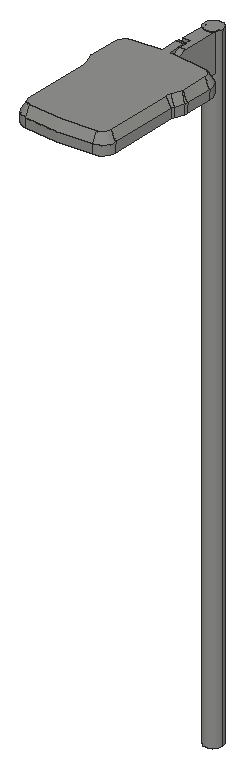
Revit family "VP-4-AA_U", category Lighting Fixtures, host Face, Revit 2019
Family settings
  Host = Face
  Round Connector Dimension = Use Diameter
  Part Type = Normal
  OmniClass Number = 23.80.70.11.14.17
  OmniClass Title = Direct/Indirect
  Cut with Voids When Loaded = No
  Light Source = No
  Shared = Yes
  Room Calculation Point = No
Parameters (values of type "VP-4-AA3U")
  Wattage Comments = "600 W"  # constant formula
  Warranty = "Five year warranty"  # constant formula
  Voltage = 120 V
  URL = "https://www.currentlighting.com/beacon"
  Type Comments = "Lighting Fixture"  # constant formula
  Product Page URL = "https://www.currentlighting.com/outdoor-lighting/viper-area-size-4/9606406"
  Product Documentation Link = "https://cdn.currentlighting.com/site/specsheet/BEA_VIPERSPEC.pdf"
  Power Factor = 0.9
  Pole Radius [instance] = Pole Size / 2  # 1.75"
  Pole Height [instance] = 122.00"
  Name = "Viper Area Size 4"  # constant formula
  Mounting Block Size [instance] = Pole Size - 1.00"  # 2.50"
  Model = "VP-4-AA3U"
  Matt Grey = MATT GREY
  Matt Black = Matt Black
  Manufacturer = "Current Lighting"  # constant formula
  Load Classification = Lighting
  Light Output = 87468.00 cd/m²  # constant formula
  Lamp = "LED"  # constant formula
  Grey = Grey
  Glass = Glass
  Pole Size [instance] = 3.50"
  Features = "Featuring two different optical technologies, Micro Strike and Strike Optics, which provide the best distribution patterns for retrofit or new construction\r\nVibration rated for high vibration applications including bridges and overpasses\r\nControl options including photo control, occupancy sensing, NX Lighting Controls, wiSCAPE and 7-Pin with networked controls\r\nMounting options include: Arm, Universal Arm, Adjustable Arm, Mast Arm, Decorative Arm, Knuckle, Trunnion, Wall\r\nDistribution options include: Auto Front Row, Type 2, Type 3, Type 4 Forward, Type 4 Wide, Type 5 Narrow, Type 5 Medium, Type 5 Wide, Type 5 Rectangular, Corner Optic, and Tennis Court\r\n\r\n"  # constant formula
  Copyright = "© 2022 Current Lighting"  # constant formula
  Cool Grey = Cool Grey
  Contact Us = "https://www.currentlighting.com/contact-us"
  Certification = "UL"  # constant formula
  Description = "The Viper is an extremely versatile area/site luminaire which blends design, performance, and technology for a variety of applications."  # constant formula
  Default Elevation = 48.00"
  Finish = Arctic White
  Matt White = Matt White
  CRI = "70"  # constant formula
  Brand = "Beacon"  # constant formula
  Assembly Code = "D5020200"
  Apparent Load = 600 VA  # constant formula
Reference planes (in)
  plane 1 "Center (Front/Back)": y = 6.16697
  plane 2: z = 0
  plane 3 "Center (Left/Right)": x = 0
  plane 4: z = 3.75
  plane 5: z = -4.44
  plane 6: x = -1.75
  plane 7: x = 1.75
  plane 8: y = 4.41697
  plane 9: y = 7.91697
  plane 10: z = 122
Forms (in)
  Extrusion 1, solid, material "Cool Grey" <- "Cool Grey"
    sketch origin (0, 0, 0) x (1, 0, 0) y (0, 1, 0)
      loop
        circle (0, 6.16697) r 1.75
    from 0 to 122
Lines and regions (in)
  reference lines
    curve 1: line (0, 14.42606, -3.25) -> (0, 17.42606, -0.25)
    curve 2: line (0, -2.09213, -3.25) -> (0, 14.42606, -3.25)
    curve 3: line (0, -5.09213, -0.25) -> (0, -2.09213, -3.25)
    curve 4: line (0, 14.42606, -3.25) -> (0, 17.42606, -0.25)
    curve 5: line (0, -5.09213, -0.25) -> (0, 17.42606, -0.25)
    curve 6: line (0, 17.17606, -0.77432) -> (0, 17.92606, -0.77432)
    curve 7: line (0, 17.17606, -1.52432) -> (0, 17.17606, -0.77432)
    curve 8: line (0, 16.69614, -1.52432) -> (0, 17.17606, -1.52432)
    curve 9: line (0, 14.92606, -4.25) -> (0, 16.69614, -1.52432)
    curve 10: line (0, -4.3622, -1.52432) -> (0, -2.59213, -4.25)
    curve 11: line (0, -4.84213, -1.52432) -> (0, -4.3622, -1.52432)
    curve 12: line (0, -4.84213, -0.77432) -> (0, -4.84213, -1.52432)
    curve 13: line (0, -5.59213, -0.77432) -> (0, -4.84213, -0.77432)
Dimensions and locks (in)
  plane 4 to plane 2 = 3.75"
  "Pole Size": plane 8 to plane 9
  equal spacing: plane 8, plane 1 "Center (Front/Back)", plane 9
  equal spacing: plane 6, plane 3 "Center (Left/Right)", plane 7
  "Pole Size": plane 6 to plane 7
  "Pole Height": plane 10 to plane 2
  "Pole Radius": radius of Extrusion 1 sketch curve
  aligned and locked: plane 2 to host face
  aligned and locked: level to host face
  aligned and locked: plane 10 to Extrusion 1
  aligned and locked: plane 3 "Center (Left/Right)" to nested 1
  aligned and locked: nested 1 to plane 10
Automatic sketch dimensions
  host sketch curve to host sketch curve = 96.00"
  host sketch curve to host sketch curve = 85.00"
  curve 3 to level = 0.25"
  plane 8 to curve 3 = 9.50909"
  curve 3 to curve 12 = 0.25"
  curve 11 to curve 11 = 0.47992"
  curve 2 to plane 5 = 1.19"
  curve 10 to curve 2 = 2.27008"
  curve 1 to plane 9 = 6.50909"
  curve 9 to level = 1.52432"
  curve 1 to curve 9 = 2.27008"
  curve 8 to curve 8 = 0.47992"
  curve 6 to curve 4 = 0.25"
  curve 10 to curve 3 = 1.27432"
  curve 7 to curve 1 = 0.52432"
  curve 12 to curve 3 = 0.52432"
  curve 13 to curve 3 = 0.50"
  curve 10 to plane 5 = 0.19"
  curve 10 to curve 2 = 0.50"
  curve 9 to plane 5 = 0.19"
  curve 1 to curve 9 = 0.50"
  curve 1 to curve 6 = 0.50"
  plane 1 "Center (Front/Back)" to Extrusion 1 sketch curve = 0.00"
  Extrusion 1 sketch curve to plane 3 "Center (Left/Right)" = 0.00"
Nested families (in)
  nested 1: "SIZE4-AAU" at (0, 4.41697, 120.26) x (1, 0, 0) z (0, -1, 0), type "SIZE4-AAU"
Connectors (in)
  electrical at (0, 6.16697, 0), driven by "Power Factor", driven by "Apparent Load", driven by "Voltage"
    settings: on Extrusion 1, index 1, voltage 120 V, apparent load 600 VA, apparent load phase1 0 VA, apparent load phase2 0 VA, apparent load phase3 0 VA, power factor 0.9, load classification "Other", number of poles 1, system type 30, power factor state 1, is connector primary yes, connector utility no, sub classification motor no, connector description "Light Fixture"
Definition of nested family "SIZE4-AAU"
  Parameters (values of type "SIZE4-AAU")
    Width = 19.62"
    Wattage = 519.1 W
    built-in parameter 1150110 = 1 (stored number, unit not read)
    built-in parameter 1114217 = 1 (stored number, unit not read)
    Tilt Angle = 160.00°
    built-in parameter 1150109 = 1 (stored number, unit not read)
    built-in parameter 1150134 = 3
    built-in parameter 1150113 = 1 (stored number, unit not read)
    Photometric Web File = "VP-4-720L-515-5K7-4W-BC.ies"
    Mount Length = 7.50"
    built-in parameter 1150105 = 3180.8 (stored number, unit not read)
    Lumens = 39970.7 lm
    built-in parameter 1150115 = 1 (stored number, unit not read)
    built-in parameter 1150137 = (empty or 0)
    built-in parameter 1150139 = (empty or 0)
    Length = 27.98"
    built-in parameter 1150112 = 1 (stored number, unit not read)
    built-in parameter 1150114 = 1 (stored number, unit not read)
    built-in parameter 1150132 = (empty or 0)
    built-in parameter 1150102 = (empty or 0)
    built-in parameter 1150107 = 3200 (stored number, unit not read)
    built-in parameter 1150138 = (empty or 0)
    built-in parameter 1150106 = 31.808 (stored number, unit not read)
    Glass = none
    Fixture = none
    built-in parameter 1150104 = 7.1535 (stored number, unit not read)
    Dimming Lamp Color Temperature Shift = (empty or 0)
    Default Elevation = 48.00"
    Color Filter = 16777215
    built-in parameter 1114218 = 1 (stored number, unit not read)
    built-in parameter 1150133 = 10 (stored number, unit not read)
  Reference planes (in)
    plane 1 "Center (Front/Back)": y = 0
    plane 2: z = 0
    plane 3 "Center (Left/Right)": x = 0
    plane 4: x = 9.81
    plane 5: x = -9.81
    plane 6: z = 7.5
    plane 7: z = 35.48
    plane 8: y = -1.74
    plane 9: y = 1.74
  Forms (in)
    Extrusion 1, solid
      sketch origin (0, 0, 0) x (1, 0, 0) y (0, 1, 0)
        loop
          line (-48, 48) -> (-48, -48) -> (48, -48) -> (48, 48) -> (-48, 48)
      from 0 to -12
    Extrusion 2, void
      sketch origin (0, 0, 0) x (1, 0, 0) y (0, 0, 1)
        loop
          arc (-8.40608, 15.16005) -> (0.0771, 15.81374) -> (8.56, 15.15635) r 55.21553
          line (8.56, 15.15635) -> (8.56, 33.16182) -> (-8.40608, 33.16182) -> (-8.40608, 15.16005)
      from 1 to 1.75
    Extrusion 3, solid, material <- "Glass"
      sketch origin (0, 0, -0.5) x (1, 0, 0) y (0, 0, 1)
        loop
          arc (-7.30987, 33.16182) -> (-7.55736, 33.05931) -> (-7.65987, 32.81182) r 0.35
          line (-7.65987, 32.81182) -> (-7.65987, 28.01182)
          arc (-7.65987, 28.01182) -> (-7.55736, 27.76434) -> (-7.30987, 27.66182) r 0.35
          line (-7.30987, 27.66182) -> (7.30987, 27.66182)
          arc (7.30987, 27.66182) -> (7.55736, 27.76434) -> (7.65987, 28.01182) r 0.35
          line (7.65987, 28.01182) -> (7.65987, 32.81182)
          arc (7.65987, 32.81182) -> (7.55736, 33.05931) -> (7.30987, 33.16182) r 0.35
          line (7.30987, 33.16182) -> (-7.30987, 33.16182)
      from 1 to 1.35
    Extrusion 4, solid, material <- "Glass"
      sketch origin (0.375, 0, -0.375) x (1, 0, 0) y (0, 0, 1)
        loop
          circle (-7.47829, 32.33694) r 0.15
        loop
          circle (-6.95955, 32.33694) r 0.15
        loop
          circle (-6.4408, 32.33694) r 0.15
        loop
          circle (-5.92205, 32.33694) r 0.15
        loop
          circle (-5.4033, 32.33694) r 0.15
        loop
          circle (-4.88455, 32.33694) r 0.15
        loop
          circle (-4.3658, 32.33694) r 0.15
        loop
          circle (-3.84705, 32.33694) r 0.15
        loop
          circle (-3.32831, 32.33694) r 0.15
        loop
          circle (-7.47829, 31.83694) r 0.15
        loop
          circle (-6.95955, 31.83694) r 0.15
        loop
          circle (-6.4408, 31.83694) r 0.15
        loop
          circle (-5.92205, 31.83694) r 0.15
        loop
          circle (-5.4033, 31.83694) r 0.15
        loop
          circle (-4.88455, 31.83694) r 0.15
        loop
          circle (-4.3658, 31.83694) r 0.15
        loop
          circle (-3.84705, 31.83694) r 0.15
        loop
          circle (-3.32831, 31.83694) r 0.15
        loop
          circle (-7.47829, 31.33694) r 0.15
        loop
          circle (-6.95955, 31.33694) r 0.15
        loop
          circle (-6.4408, 31.33694) r 0.15
        loop
          circle (-5.92205, 31.33694) r 0.15
        loop
          circle (-5.4033, 31.33694) r 0.15
        loop
          circle (-4.88455, 31.33694) r 0.15
        loop
          circle (-4.3658, 31.33694) r 0.15
        loop
          circle (-3.84705, 31.33694) r 0.15
        loop
          circle (-3.32831, 31.33694) r 0.15
        loop
          circle (-7.47829, 30.83694) r 0.15
        loop
          circle (-6.95955, 30.83694) r 0.15
        loop
          circle (-6.4408, 30.83694) r 0.15
        loop
          circle (-5.92205, 30.83694) r 0.15
        loop
          circle (-5.4033, 30.83694) r 0.15
        loop
          circle (-4.88455, 30.83694) r 0.15
        loop
          circle (-4.3658, 30.83694) r 0.15
        loop
          circle (-3.84705, 30.83694) r 0.15
        loop
          circle (-3.32831, 30.83694) r 0.15
        loop
          circle (-7.47829, 30.33694) r 0.15
        loop
          circle (-6.95955, 30.33694) r 0.15
        loop
          circle (-6.4408, 30.33694) r 0.15
        loop
          circle (-5.92205, 30.33694) r 0.15
        loop
          circle (-5.4033, 30.33694) r 0.15
        loop
          circle (-4.88455, 30.33694) r 0.15
        loop
          circle (-4.3658, 30.33694) r 0.15
        loop
          circle (-3.84705, 30.33694) r 0.15
        loop
          circle (-3.32831, 30.33694) r 0.15
        loop
          circle (-7.47829, 29.83694) r 0.15
        loop
          circle (-6.95955, 29.83694) r 0.15
        loop
          circle (-6.4408, 29.83694) r 0.15
        loop
          circle (-5.92205, 29.83694) r 0.15
        loop
          circle (-5.4033, 29.83694) r 0.15
        loop
          circle (-4.88455, 29.83694) r 0.15
        loop
          circle (-4.3658, 29.83694) r 0.15
        loop
          circle (-3.84705, 29.83694) r 0.15
        loop
          circle (-3.32831, 29.83694) r 0.15
        loop
          circle (-7.47829, 29.33694) r 0.15
        loop
          circle (-6.95955, 29.33694) r 0.15
        loop
          circle (-6.4408, 29.33694) r 0.15
        loop
          circle (-5.92205, 29.33694) r 0.15
        loop
          circle (-5.4033, 29.33694) r 0.15
        loop
          circle (-4.88455, 29.33694) r 0.15
        loop
          circle (-4.3658, 29.33694) r 0.15
        loop
          circle (-3.84705, 29.33694) r 0.15
        loop
          circle (-3.32831, 29.33694) r 0.15
        loop
          circle (-7.47829, 28.83694) r 0.15
        loop
          circle (-6.95955, 28.83694) r 0.15
        loop
          circle (-6.4408, 28.83694) r 0.15
        loop
          circle (-5.92205, 28.83694) r 0.15
        loop
          circle (-5.4033, 28.83694) r 0.15
        loop
          circle (-4.88455, 28.83694) r 0.15
        loop
          circle (-4.3658, 28.83694) r 0.15
        loop
          circle (-3.84705, 28.83694) r 0.15
        loop
          circle (-3.32831, 28.83694) r 0.15
        loop
          circle (-7.47829, 28.33694) r 0.15
        loop
          circle (-6.95955, 28.33694) r 0.15
        loop
          circle (-6.4408, 28.33694) r 0.15
        loop
          circle (-5.92205, 28.33694) r 0.15
        loop
          circle (-5.4033, 28.33694) r 0.15
        loop
          circle (-4.88455, 28.33694) r 0.15
        loop
          circle (-4.3658, 28.33694) r 0.15
        loop
          circle (-3.84705, 28.33694) r 0.15
        loop
          circle (-3.32831, 28.33694) r 0.15
      from 1.35 to 1.4
    Extrusion 5, solid, material <- "Glass"
      sketch origin (0, 0, -0.375) x (1, 0, 0) y (0, 0, 1)
        loop
          arc (-7.16655, 32.8409) -> (-7.34333, 32.76768) -> (-7.41655, 32.5909) r 0.25
          line (-7.41655, 32.5909) -> (-7.41655, 28.0909)
          arc (-7.41655, 28.0909) -> (-7.34333, 27.91412) -> (-7.16655, 27.8409) r 0.25
          line (-7.16655, 27.8409) -> (-2.81123, 27.8409)
          arc (-2.81123, 27.8409) -> (-2.63446, 27.91412) -> (-2.56123, 28.0909) r 0.25
          line (-2.56123, 28.0909) -> (-2.56123, 32.5909)
          arc (-2.56123, 32.5909) -> (-2.63446, 32.76768) -> (-2.81123, 32.8409) r 0.25
          line (-2.81123, 32.8409) -> (-7.16655, 32.8409)
      from 1.35 to 1.37213
    Extrusion 6, solid, material <- "Fixture"
      sketch origin (0, 0, 12.875) x (1, 0, 0) y (0, 1, 0)
        loop
          line (7.68693, -1) -> (7.68693, -1.20146)
          arc (7.68693, -1.20146) -> (7.69367, -1.23973) -> (7.71311, -1.27339) r 0.1119
          line (7.71311, -1.27339) -> (8.07367, -1.70309)
          arc (8.07367, -1.70309) -> (8.10164, -1.72455) -> (8.13607, -1.73219) r 0.08147
          line (8.13607, -1.73219) -> (8.56, -1.73219) -> (8.56, -1) -> (7.68693, -1)
      from 18.55 to 18.65
    Extrusion 7, solid, material <- "Glass"
      sketch origin (-0.375, 0, -0.375) x (-1, 0, 0) y (0, 0, -1)
        loop
          circle (-7.47829, -32.33694) r 0.15
        loop
          circle (-6.95955, -32.33694) r 0.15
        loop
          circle (-6.4408, -32.33694) r 0.15
        loop
          circle (-5.92205, -32.33694) r 0.15
        loop
          circle (-5.4033, -32.33694) r 0.15
        loop
          circle (-4.88455, -32.33694) r 0.15
        loop
          circle (-4.3658, -32.33694) r 0.15
        loop
          circle (-3.84705, -32.33694) r 0.15
        loop
          circle (-3.32831, -32.33694) r 0.15
        loop
          circle (-7.47829, -31.83694) r 0.15
        loop
          circle (-6.95955, -31.83694) r 0.15
        loop
          circle (-6.4408, -31.83694) r 0.15
        loop
          circle (-5.92205, -31.83694) r 0.15
        loop
          circle (-5.4033, -31.83694) r 0.15
        loop
          circle (-4.88455, -31.83694) r 0.15
        loop
          circle (-4.3658, -31.83694) r 0.15
        loop
          circle (-3.84705, -31.83694) r 0.15
        loop
          circle (-3.32831, -31.83694) r 0.15
        loop
          circle (-7.47829, -31.33694) r 0.15
        loop
          circle (-6.95955, -31.33694) r 0.15
        loop
          circle (-6.4408, -31.33694) r 0.15
        loop
          circle (-5.92205, -31.33694) r 0.15
        loop
          circle (-5.4033, -31.33694) r 0.15
        loop
          circle (-4.88455, -31.33694) r 0.15
        loop
          circle (-4.3658, -31.33694) r 0.15
        loop
          circle (-3.84705, -31.33694) r 0.15
        loop
          circle (-3.32831, -31.33694) r 0.15
        loop
          circle (-7.47829, -30.83694) r 0.15
        loop
          circle (-6.95955, -30.83694) r 0.15
        loop
          circle (-6.4408, -30.83694) r 0.15
        loop
          circle (-5.92205, -30.83694) r 0.15
        loop
          circle (-5.4033, -30.83694) r 0.15
        loop
          circle (-4.88455, -30.83694) r 0.15
        loop
          circle (-4.3658, -30.83694) r 0.15
        loop
          circle (-3.84705, -30.83694) r 0.15
        loop
          circle (-3.32831, -30.83694) r 0.15
        loop
          circle (-7.47829, -30.33694) r 0.15
        loop
          circle (-6.95955, -30.33694) r 0.15
        loop
          circle (-6.4408, -30.33694) r 0.15
        loop
          circle (-5.92205, -30.33694) r 0.15
        loop
          circle (-5.4033, -30.33694) r 0.15
        loop
          circle (-4.88455, -30.33694) r 0.15
        loop
          circle (-4.3658, -30.33694) r 0.15
        loop
          circle (-3.84705, -30.33694) r 0.15
        loop
          circle (-3.32831, -30.33694) r 0.15
        loop
          circle (-7.47829, -29.83694) r 0.15
        loop
          circle (-6.95955, -29.83694) r 0.15
        loop
          circle (-6.4408, -29.83694) r 0.15
        loop
          circle (-5.92205, -29.83694) r 0.15
        loop
          circle (-5.4033, -29.83694) r 0.15
        loop
          circle (-4.88455, -29.83694) r 0.15
        loop
          circle (-4.3658, -29.83694) r 0.15
        loop
          circle (-3.84705, -29.83694) r 0.15
        loop
          circle (-3.32831, -29.83694) r 0.15
        loop
          circle (-7.47829, -29.33694) r 0.15
        loop
          circle (-6.95955, -29.33694) r 0.15
        loop
          circle (-6.4408, -29.33694) r 0.15
        loop
          circle (-5.92205, -29.33694) r 0.15
        loop
          circle (-5.4033, -29.33694) r 0.15
        loop
          circle (-4.88455, -29.33694) r 0.15
        loop
          circle (-4.3658, -29.33694) r 0.15
        loop
          circle (-3.84705, -29.33694) r 0.15
        loop
          circle (-3.32831, -29.33694) r 0.15
        loop
          circle (-7.47829, -28.83694) r 0.15
        loop
          circle (-6.95955, -28.83694) r 0.15
        loop
          circle (-6.4408, -28.83694) r 0.15
        loop
          circle (-5.92205, -28.83694) r 0.15
        loop
          circle (-5.4033, -28.83694) r 0.15
        loop
          circle (-4.88455, -28.83694) r 0.15
        loop
          circle (-4.3658, -28.83694) r 0.15
        loop
          circle (-3.84705, -28.83694) r 0.15
        loop
          circle (-3.32831, -28.83694) r 0.15
        loop
          circle (-7.47829, -28.33694) r 0.15
        loop
          circle (-6.95955, -28.33694) r 0.15
        loop
          circle (-6.4408, -28.33694) r 0.15
        loop
          circle (-5.92205, -28.33694) r 0.15
        loop
          circle (-5.4033, -28.33694) r 0.15
        loop
          circle (-4.88455, -28.33694) r 0.15
        loop
          circle (-4.3658, -28.33694) r 0.15
        loop
          circle (-3.84705, -28.33694) r 0.15
        loop
          circle (-3.32831, -28.33694) r 0.15
      from 1.35 to 1.4
    Extrusion 8, solid, material <- "Glass"
      sketch origin (0, 0, -0.375) x (-1, 0, 0) y (0, 0, -1)
        loop
          line (-7.16655, -32.8409) -> (-2.84181, -32.8409)
          arc (-2.84181, -32.8409) -> (-2.66504, -32.76768) -> (-2.59181, -32.5909) r 0.25
          line (-2.59181, -32.5909) -> (-2.59181, -28.0909)
          arc (-2.59181, -28.0909) -> (-2.66504, -27.91412) -> (-2.84181, -27.8409) r 0.25
          line (-2.84181, -27.8409) -> (-7.16655, -27.8409)
          arc (-7.16655, -27.8409) -> (-7.34333, -27.91412) -> (-7.41655, -28.0909) r 0.25
          line (-7.41655, -28.0909) -> (-7.41655, -32.5909)
          arc (-7.41655, -32.5909) -> (-7.34333, -32.76768) -> (-7.16655, -32.8409) r 0.25
      from 1.35 to 1.37213
    Extrusion 9, solid, material <- "Glass"
      sketch origin (0, 0, -5.75) x (1, 0, 0) y (0, 0, 1)
        loop
          arc (-7.30987, 32.91182) -> (-7.55736, 32.80931) -> (-7.65987, 32.56182) r 0.35
          line (-7.65987, 32.56182) -> (-7.65987, 27.76182)
          arc (-7.65987, 27.76182) -> (-7.55736, 27.51434) -> (-7.30987, 27.41182) r 0.35
          line (-7.30987, 27.41182) -> (7.30987, 27.41182)
          arc (7.30987, 27.41182) -> (7.55736, 27.51434) -> (7.65987, 27.76182) r 0.35
          line (7.65987, 27.76182) -> (7.65987, 32.56182)
          arc (7.65987, 32.56182) -> (7.55736, 32.80931) -> (7.30987, 32.91182) r 0.35
          line (7.30987, 32.91182) -> (-7.30987, 32.91182)
      from 1 to 1.35
    Extrusion 10, solid, material <- "Glass"
      sketch origin (0, 0, 47.30365) x (1, 0, 0) y (0, 0, 1)
        loop
          line (-7.30987, -31.14182) -> (7.30987, -31.14182)
          arc (7.30987, -31.14182) -> (7.55736, -31.03931) -> (7.65987, -30.79182) r 0.35
          line (7.65987, -30.79182) -> (7.65987, -25.99182)
          arc (7.65987, -25.99182) -> (7.55736, -25.74434) -> (7.30987, -25.64182) r 0.35
          line (7.30987, -25.64182) -> (-7.30987, -25.64182)
          arc (-7.30987, -25.64182) -> (-7.55736, -25.74434) -> (-7.65987, -25.99182) r 0.35
          line (-7.65987, -25.99182) -> (-7.65987, -30.79182)
          arc (-7.65987, -30.79182) -> (-7.55736, -31.03931) -> (-7.30987, -31.14182) r 0.35
      from 1 to 1.35
    Extrusion 11, solid, material <- "Fixture"
      sketch origin (0, 0, 11.87318) x (1, 0, 0) y (0, 1, 0)
        loop
          line (7.68693, -1) -> (7.68693, -1.20146)
          arc (7.68693, -1.20146) -> (7.69367, -1.23973) -> (7.71311, -1.27339) r 0.1119
          line (7.71311, -1.27339) -> (8.07367, -1.70309)
          arc (8.07367, -1.70309) -> (8.10164, -1.72455) -> (8.13607, -1.73219) r 0.08147
          line (8.13607, -1.73219) -> (8.56, -1.73219) -> (8.56, -1) -> (7.68693, -1)
      from 18.55 to 18.65
    Extrusion 12, solid, material <- "Fixture"
      sketch origin (0, 0, 10.87135) x (1, 0, 0) y (0, 1, 0)
        loop
          line (7.68693, -1) -> (7.68693, -1.20146)
          arc (7.68693, -1.20146) -> (7.69367, -1.23973) -> (7.71311, -1.27339) r 0.1119
          line (7.71311, -1.27339) -> (8.07367, -1.70309)
          arc (8.07367, -1.70309) -> (8.10164, -1.72455) -> (8.13607, -1.73219) r 0.08147
          line (8.13607, -1.73219) -> (8.56, -1.73219) -> (8.56, -1) -> (7.68693, -1)
      from 18.55 to 18.65
    Extrusion 13, solid, material <- "Fixture"
      sketch origin (0, 0, 9.86953) x (1, 0, 0) y (0, 1, 0)
        loop
          line (7.68693, -1) -> (7.68693, -1.20146)
          arc (7.68693, -1.20146) -> (7.69367, -1.23973) -> (7.71311, -1.27339) r 0.1119
          line (7.71311, -1.27339) -> (8.07367, -1.70309)
          arc (8.07367, -1.70309) -> (8.10164, -1.72455) -> (8.13607, -1.73219) r 0.08147
          line (8.13607, -1.73219) -> (8.56, -1.73219) -> (8.56, -1) -> (7.68693, -1)
      from 18.55 to 18.65
    Extrusion 14, solid, material <- "Fixture"
      sketch origin (0, 0, 8.86953) x (1, 0, 0) y (0, 1, 0)
        loop
          line (7.68693, -1) -> (7.68693, -1.20146)
          arc (7.68693, -1.20146) -> (7.69367, -1.23973) -> (7.71311, -1.27339) r 0.1119
          line (7.71311, -1.27339) -> (8.07367, -1.70309)
          arc (8.07367, -1.70309) -> (8.10164, -1.72455) -> (8.13607, -1.73219) r 0.08147
          line (8.13607, -1.73219) -> (8.56, -1.73219) -> (8.56, -1) -> (7.68693, -1)
      from 18.55 to 18.65
    Extrusion 15, solid, material <- "Fixture"
      sketch origin (0, 0, 7.8125) x (1, 0, 0) y (0, 1, 0)
        loop
          line (7.68693, -1) -> (7.68693, -1.20146)
          arc (7.68693, -1.20146) -> (7.69367, -1.23973) -> (7.71311, -1.27339) r 0.1119
          line (7.71311, -1.27339) -> (8.07367, -1.70309)
          arc (8.07367, -1.70309) -> (8.10164, -1.72455) -> (8.13607, -1.73219) r 0.08147
          line (8.13607, -1.73219) -> (8.56, -1.73219) -> (8.56, -1) -> (7.68693, -1)
      from 18.55 to 18.65
    Extrusion 16, solid, material <- "Fixture"
      sketch origin (0, 0, 6.81068) x (1, 0, 0) y (0, 1, 0)
        loop
          line (7.68693, -1) -> (7.68693, -1.20146)
          arc (7.68693, -1.20146) -> (7.69367, -1.23973) -> (7.71311, -1.27339) r 0.1119
          line (7.71311, -1.27339) -> (8.07367, -1.70309)
          arc (8.07367, -1.70309) -> (8.10164, -1.72455) -> (8.13607, -1.73219) r 0.08147
          line (8.13607, -1.73219) -> (8.56, -1.73219) -> (8.56, -1) -> (7.68693, -1)
      from 18.55 to 18.65
    Extrusion 17, solid, material <- "Fixture"
      sketch origin (0, 0, 5.80885) x (1, 0, 0) y (0, 1, 0)
        loop
          line (7.68693, -1) -> (7.68693, -1.20146)
          arc (7.68693, -1.20146) -> (7.69367, -1.23973) -> (7.71311, -1.27339) r 0.1119
          line (7.71311, -1.27339) -> (8.07367, -1.70309)
          arc (8.07367, -1.70309) -> (8.10164, -1.72455) -> (8.13607, -1.73219) r 0.08147
          line (8.13607, -1.73219) -> (8.56, -1.73219) -> (8.56, -1) -> (7.68693, -1)
      from 18.55 to 18.65
    Extrusion 18, solid, material <- "Fixture"
      sketch origin (0, 0, 4.80703) x (1, 0, 0) y (0, 1, 0)
        loop
          line (7.68693, -1) -> (7.68693, -1.20146)
          arc (7.68693, -1.20146) -> (7.69367, -1.23973) -> (7.71311, -1.27339) r 0.1119
          line (7.71311, -1.27339) -> (8.07367, -1.70309)
          arc (8.07367, -1.70309) -> (8.10164, -1.72455) -> (8.13607, -1.73219) r 0.08147
          line (8.13607, -1.73219) -> (8.56, -1.73219) -> (8.56, -1) -> (7.68693, -1)
      from 18.55 to 18.65
    Extrusion 19, solid, material <- "Fixture"
      sketch origin (0, 0, 3.80703) x (1, 0, 0) y (0, 1, 0)
        loop
          line (7.68693, -1) -> (7.68693, -1.20146)
          arc (7.68693, -1.20146) -> (7.69367, -1.23973) -> (7.71311, -1.27339) r 0.1119
          line (7.71311, -1.27339) -> (8.07367, -1.70309)
          arc (8.07367, -1.70309) -> (8.10164, -1.72455) -> (8.13607, -1.73219) r 0.08147
          line (8.13607, -1.73219) -> (8.56, -1.73219) -> (8.56, -1) -> (7.68693, -1)
      from 18.55 to 18.65
    Extrusion 20, solid, material <- "Fixture"
      sketch origin (0, 0, 2.125) x (1, 0, 0) y (0, 1, 0)
        loop
          line (7.68693, -1) -> (7.68693, -1.20146)
          arc (7.68693, -1.20146) -> (7.69367, -1.23973) -> (7.71311, -1.27339) r 0.1119
          line (7.71311, -1.27339) -> (8.07367, -1.70309)
          arc (8.07367, -1.70309) -> (8.10164, -1.72455) -> (8.13607, -1.73219) r 0.08147
          line (8.13607, -1.73219) -> (8.56, -1.73219) -> (8.56, -1) -> (7.68693, -1)
      from 18.55 to 18.65
    Extrusion 21, solid, material <- "Fixture"
      sketch origin (0, 0, 1.12318) x (1, 0, 0) y (0, 1, 0)
        loop
          line (7.68693, -1) -> (7.68693, -1.20146)
          arc (7.68693, -1.20146) -> (7.69367, -1.23973) -> (7.71311, -1.27339) r 0.1119
          line (7.71311, -1.27339) -> (8.07367, -1.70309)
          arc (8.07367, -1.70309) -> (8.10164, -1.72455) -> (8.13607, -1.73219) r 0.08147
          line (8.13607, -1.73219) -> (8.56, -1.73219) -> (8.56, -1) -> (7.68693, -1)
      from 18.55 to 18.65
    Extrusion 22, solid, material <- "Fixture"
      sketch origin (0, 0, 0.12135) x (1, 0, 0) y (0, 1, 0)
        loop
          line (7.68693, -1) -> (7.68693, -1.20146)
          arc (7.68693, -1.20146) -> (7.69367, -1.23973) -> (7.71311, -1.27339) r 0.1119
          line (7.71311, -1.27339) -> (8.07367, -1.70309)
          arc (8.07367, -1.70309) -> (8.10164, -1.72455) -> (8.13607, -1.73219) r 0.08147
          line (8.13607, -1.73219) -> (8.56, -1.73219) -> (8.56, -1) -> (7.68693, -1)
      from 18.55 to 18.65
    Extrusion 23, solid, material <- "Fixture"
      sketch origin (0, 0, -0.88047) x (1, 0, 0) y (0, 1, 0)
        loop
          line (7.68693, -1) -> (7.68693, -1.20146)
          arc (7.68693, -1.20146) -> (7.69367, -1.23973) -> (7.71311, -1.27339) r 0.1119
          line (7.71311, -1.27339) -> (8.07367, -1.70309)
          arc (8.07367, -1.70309) -> (8.10164, -1.72455) -> (8.13607, -1.73219) r 0.08147
          line (8.13607, -1.73219) -> (8.56, -1.73219) -> (8.56, -1) -> (7.68693, -1)
      from 18.55 to 18.65
    Extrusion 24, solid, material <- "Fixture"
      sketch origin (0, 0, -1.88047) x (1, 0, 0) y (0, 1, 0)
        loop
          line (7.68693, -1) -> (7.68693, -1.20146)
          arc (7.68693, -1.20146) -> (7.69367, -1.23973) -> (7.71311, -1.27339) r 0.1119
          line (7.71311, -1.27339) -> (8.07367, -1.70309)
          arc (8.07367, -1.70309) -> (8.10164, -1.72455) -> (8.13607, -1.73219) r 0.08147
          line (8.13607, -1.73219) -> (8.56, -1.73219) -> (8.56, -1) -> (7.68693, -1)
      from 18.55 to 18.65
    Extrusion 25, solid, material <- "Fixture"
      sketch origin (0.07812, 0, 13.125) x (-1, 0, 0) y (0, -1, 0)
        loop
          line (7.68693, 1) -> (8.56, 1) -> (8.56, 1.73219) -> (8.13607, 1.73219)
          arc (8.13607, 1.73219) -> (8.10164, 1.72455) -> (8.07367, 1.70309) r 0.08147
          line (8.07367, 1.70309) -> (7.71311, 1.27339)
          arc (7.71311, 1.27339) -> (7.69367, 1.23973) -> (7.68693, 1.20146) r 0.1119
          line (7.68693, 1.20146) -> (7.68693, 1)
      from 18.55 to 18.65
    Extrusion 26, solid, material <- "Fixture"
      sketch origin (0.07812, 0, 12.12318) x (-1, 0, 0) y (0, -1, 0)
        loop
          line (7.68693, 1) -> (8.56, 1) -> (8.56, 1.73219) -> (8.13607, 1.73219)
          arc (8.13607, 1.73219) -> (8.10164, 1.72455) -> (8.07367, 1.70309) r 0.08147
          line (8.07367, 1.70309) -> (7.71311, 1.27339)
          arc (7.71311, 1.27339) -> (7.69367, 1.23973) -> (7.68693, 1.20146) r 0.1119
          line (7.68693, 1.20146) -> (7.68693, 1)
      from 18.55 to 18.65
    Extrusion 27, solid, material <- "Fixture"
      sketch origin (0.07812, 0, 11.12135) x (-1, 0, 0) y (0, -1, 0)
        loop
          line (7.68693, 1) -> (8.56, 1) -> (8.56, 1.73219) -> (8.13607, 1.73219)
          arc (8.13607, 1.73219) -> (8.10164, 1.72455) -> (8.07367, 1.70309) r 0.08147
          line (8.07367, 1.70309) -> (7.71311, 1.27339)
          arc (7.71311, 1.27339) -> (7.69367, 1.23973) -> (7.68693, 1.20146) r 0.1119
          line (7.68693, 1.20146) -> (7.68693, 1)
      from 18.55 to 18.65
    Extrusion 28, solid, material <- "Fixture"
      sketch origin (0.07812, 0, 10.11953) x (-1, 0, 0) y (0, -1, 0)
        loop
          line (7.68693, 1) -> (8.56, 1) -> (8.56, 1.73219) -> (8.13607, 1.73219)
          arc (8.13607, 1.73219) -> (8.10164, 1.72455) -> (8.07367, 1.70309) r 0.08147
          line (8.07367, 1.70309) -> (7.71311, 1.27339)
          arc (7.71311, 1.27339) -> (7.69367, 1.23973) -> (7.68693, 1.20146) r 0.1119
          line (7.68693, 1.20146) -> (7.68693, 1)
      from 18.55 to 18.65
    Extrusion 29, solid, material <- "Fixture"
      sketch origin (0.07812, 0, 9.11953) x (-1, 0, 0) y (0, -1, 0)
        loop
          line (7.68693, 1) -> (8.56, 1) -> (8.56, 1.73219) -> (8.13607, 1.73219)
          arc (8.13607, 1.73219) -> (8.10164, 1.72455) -> (8.07367, 1.70309) r 0.08147
          line (8.07367, 1.70309) -> (7.71311, 1.27339)
          arc (7.71311, 1.27339) -> (7.69367, 1.23973) -> (7.68693, 1.20146) r 0.1119
          line (7.68693, 1.20146) -> (7.68693, 1)
      from 18.55 to 18.65
    Extrusion 30, solid, material <- "Fixture"
      sketch origin (0.07812, 0, 8.0625) x (-1, 0, 0) y (0, -1, 0)
        loop
          line (7.68693, 1) -> (8.56, 1) -> (8.56, 1.73219) -> (8.13607, 1.73219)
          arc (8.13607, 1.73219) -> (8.10164, 1.72455) -> (8.07367, 1.70309) r 0.08147
          line (8.07367, 1.70309) -> (7.71311, 1.27339)
          arc (7.71311, 1.27339) -> (7.69367, 1.23973) -> (7.68693, 1.20146) r 0.1119
          line (7.68693, 1.20146) -> (7.68693, 1)
      from 18.55 to 18.65
    Extrusion 31, solid, material <- "Fixture"
      sketch origin (0.07812, 0, 7.06068) x (-1, 0, 0) y (0, -1, 0)
        loop
          line (7.68693, 1) -> (8.56, 1) -> (8.56, 1.73219) -> (8.13607, 1.73219)
          arc (8.13607, 1.73219) -> (8.10164, 1.72455) -> (8.07367, 1.70309) r 0.08147
          line (8.07367, 1.70309) -> (7.71311, 1.27339)
          arc (7.71311, 1.27339) -> (7.69367, 1.23973) -> (7.68693, 1.20146) r 0.1119
          line (7.68693, 1.20146) -> (7.68693, 1)
      from 18.55 to 18.65
    Extrusion 32, solid, material <- "Fixture"
      sketch origin (0.07812, 0, 6.05885) x (-1, 0, 0) y (0, -1, 0)
        loop
          line (7.68693, 1) -> (8.56, 1) -> (8.56, 1.73219) -> (8.13607, 1.73219)
          arc (8.13607, 1.73219) -> (8.10164, 1.72455) -> (8.07367, 1.70309) r 0.08147
          line (8.07367, 1.70309) -> (7.71311, 1.27339)
          arc (7.71311, 1.27339) -> (7.69367, 1.23973) -> (7.68693, 1.20146) r 0.1119
          line (7.68693, 1.20146) -> (7.68693, 1)
      from 18.55 to 18.65
    Extrusion 33, solid, material <- "Fixture"
      sketch origin (0.07812, 0, 5.05703) x (-1, 0, 0) y (0, -1, 0)
        loop
          line (7.68693, 1) -> (8.56, 1) -> (8.56, 1.73219) -> (8.13607, 1.73219)
          arc (8.13607, 1.73219) -> (8.10164, 1.72455) -> (8.07367, 1.70309) r 0.08147
          line (8.07367, 1.70309) -> (7.71311, 1.27339)
          arc (7.71311, 1.27339) -> (7.69367, 1.23973) -> (7.68693, 1.20146) r 0.1119
          line (7.68693, 1.20146) -> (7.68693, 1)
      from 18.55 to 18.65
    Extrusion 34, solid, material <- "Fixture"
      sketch origin (0.07812, 0, 4.05703) x (-1, 0, 0) y (0, -1, 0)
        loop
          line (7.68693, 1) -> (8.56, 1) -> (8.56, 1.73219) -> (8.13607, 1.73219)
          arc (8.13607, 1.73219) -> (8.10164, 1.72455) -> (8.07367, 1.70309) r 0.08147
          line (8.07367, 1.70309) -> (7.71311, 1.27339)
          arc (7.71311, 1.27339) -> (7.69367, 1.23973) -> (7.68693, 1.20146) r 0.1119
          line (7.68693, 1.20146) -> (7.68693, 1)
      from 18.55 to 18.65
    Extrusion 35, solid, material <- "Fixture"
      sketch origin (0.07812, 0, 2.375) x (-1, 0, 0) y (0, -1, 0)
        loop
          line (7.68693, 1) -> (8.56, 1) -> (8.56, 1.73219) -> (8.13607, 1.73219)
          arc (8.13607, 1.73219) -> (8.10164, 1.72455) -> (8.07367, 1.70309) r 0.08147
          line (8.07367, 1.70309) -> (7.71311, 1.27339)
          arc (7.71311, 1.27339) -> (7.69367, 1.23973) -> (7.68693, 1.20146) r 0.1119
          line (7.68693, 1.20146) -> (7.68693, 1)
      from 18.55 to 18.65
    Extrusion 36, solid, material <- "Fixture"
      sketch origin (0.07812, 0, 1.37318) x (-1, 0, 0) y (0, -1, 0)
        loop
          line (7.68693, 1) -> (8.56, 1) -> (8.56, 1.73219) -> (8.13607, 1.73219)
          arc (8.13607, 1.73219) -> (8.10164, 1.72455) -> (8.07367, 1.70309) r 0.08147
          line (8.07367, 1.70309) -> (7.71311, 1.27339)
          arc (7.71311, 1.27339) -> (7.69367, 1.23973) -> (7.68693, 1.20146) r 0.1119
          line (7.68693, 1.20146) -> (7.68693, 1)
      from 18.55 to 18.65
    Extrusion 37, solid, material <- "Fixture"
      sketch origin (0.07812, 0, 0.37135) x (-1, 0, 0) y (0, -1, 0)
        loop
          line (7.68693, 1) -> (8.56, 1) -> (8.56, 1.73219) -> (8.13607, 1.73219)
          arc (8.13607, 1.73219) -> (8.10164, 1.72455) -> (8.07367, 1.70309) r 0.08147
          line (8.07367, 1.70309) -> (7.71311, 1.27339)
          arc (7.71311, 1.27339) -> (7.69367, 1.23973) -> (7.68693, 1.20146) r 0.1119
          line (7.68693, 1.20146) -> (7.68693, 1)
      from 18.55 to 18.65
    Extrusion 38, solid, material <- "Fixture"
      sketch origin (0.07812, 0, -0.63047) x (-1, 0, 0) y (0, -1, 0)
        loop
          line (7.68693, 1) -> (8.56, 1) -> (8.56, 1.73219) -> (8.13607, 1.73219)
          arc (8.13607, 1.73219) -> (8.10164, 1.72455) -> (8.07367, 1.70309) r 0.08147
          line (8.07367, 1.70309) -> (7.71311, 1.27339)
          arc (7.71311, 1.27339) -> (7.69367, 1.23973) -> (7.68693, 1.20146) r 0.1119
          line (7.68693, 1.20146) -> (7.68693, 1)
      from 18.55 to 18.65
    Extrusion 39, solid, material <- "Fixture"
      sketch origin (0.07812, 0, -1.63047) x (-1, 0, 0) y (0, -1, 0)
        loop
          line (7.68693, 1) -> (8.56, 1) -> (8.56, 1.73219) -> (8.13607, 1.73219)
          arc (8.13607, 1.73219) -> (8.10164, 1.72455) -> (8.07367, 1.70309) r 0.08147
          line (8.07367, 1.70309) -> (7.71311, 1.27339)
          arc (7.71311, 1.27339) -> (7.69367, 1.23973) -> (7.68693, 1.20146) r 0.1119
          line (7.68693, 1.20146) -> (7.68693, 1)
      from 18.55 to 18.65
    Extrusion 40, void
      sketch origin (0, 0, 3.625) x (1, 0, 0) y (0, 0, 1)
        loop
          line (-8.70207, 10.26622) -> (-8.70207, 9.26622)
          arc (-8.70207, 9.26622) -> (-0.07103, 7.54738) -> (8.57, 9.21524) r 22.86863
          line (8.57, 9.21524) -> (8.57, 10.21524)
          arc (8.57, 10.21524) -> (-0.07103, 8.54738) -> (-8.70207, 10.26622) r 22.86863
        loop
          line (-8.61035, 8.24972) -> (-8.61035, 7.97854)
          arc (-8.61035, 7.97854) -> (-0.06712, 6.29523) -> (8.48535, 7.93095) r 22.84399
          line (8.48535, 7.93095) -> (8.48535, 8.20243)
          arc (8.48535, 8.20243) -> (-0.06706, 6.57598) -> (-8.61035, 8.24972) r 22.96502
        loop
          line (-8.61035, 7.49972) -> (-8.61035, 7.22854)
          arc (-8.61035, 7.22854) -> (-0.06712, 5.54523) -> (8.48535, 7.18095) r 22.84399
          line (8.48535, 7.18095) -> (8.48535, 7.45243)
          arc (8.48535, 7.45243) -> (-0.06706, 5.82598) -> (-8.61035, 7.49972) r 22.96502
      from 1 to 1.75
    Extrusion 41, solid, material <- "Glass"
      sketch origin (-5.375, 0, -0.375) x (-1, 0, 0) y (0, 0, -1)
        loop
          circle (-7.47829, -32.33694) r 0.15
        loop
          circle (-6.95955, -32.33694) r 0.15
        loop
          circle (-6.4408, -32.33694) r 0.15
        loop
          circle (-5.92205, -32.33694) r 0.15
        loop
          circle (-5.4033, -32.33694) r 0.15
        loop
          circle (-4.88455, -32.33694) r 0.15
        loop
          circle (-4.3658, -32.33694) r 0.15
        loop
          circle (-3.84705, -32.33694) r 0.15
        loop
          circle (-3.32831, -32.33694) r 0.15
        loop
          circle (-7.47829, -31.83694) r 0.15
        loop
          circle (-6.95955, -31.83694) r 0.15
        loop
          circle (-6.4408, -31.83694) r 0.15
        loop
          circle (-5.92205, -31.83694) r 0.15
        loop
          circle (-5.4033, -31.83694) r 0.15
        loop
          circle (-4.88455, -31.83694) r 0.15
        loop
          circle (-4.3658, -31.83694) r 0.15
        loop
          circle (-3.84705, -31.83694) r 0.15
        loop
          circle (-3.32831, -31.83694) r 0.15
        loop
          circle (-7.47829, -31.33694) r 0.15
        loop
          circle (-6.95955, -31.33694) r 0.15
        loop
          circle (-6.4408, -31.33694) r 0.15
        loop
          circle (-5.92205, -31.33694) r 0.15
        loop
          circle (-5.4033, -31.33694) r 0.15
        loop
          circle (-4.88455, -31.33694) r 0.15
        loop
          circle (-4.3658, -31.33694) r 0.15
        loop
          circle (-3.84705, -31.33694) r 0.15
        loop
          circle (-3.32831, -31.33694) r 0.15
        loop
          circle (-7.47829, -30.83694) r 0.15
        loop
          circle (-6.95955, -30.83694) r 0.15
        loop
          circle (-6.4408, -30.83694) r 0.15
        loop
          circle (-5.92205, -30.83694) r 0.15
        loop
          circle (-5.4033, -30.83694) r 0.15
        loop
          circle (-4.88455, -30.83694) r 0.15
        loop
          circle (-4.3658, -30.83694) r 0.15
        loop
          circle (-3.84705, -30.83694) r 0.15
        loop
          circle (-3.32831, -30.83694) r 0.15
        loop
          circle (-7.47829, -30.33694) r 0.15
        loop
          circle (-6.95955, -30.33694) r 0.15
        loop
          circle (-6.4408, -30.33694) r 0.15
        loop
          circle (-5.92205, -30.33694) r 0.15
        loop
          circle (-5.4033, -30.33694) r 0.15
        loop
          circle (-4.88455, -30.33694) r 0.15
        loop
          circle (-4.3658, -30.33694) r 0.15
        loop
          circle (-3.84705, -30.33694) r 0.15
        loop
          circle (-3.32831, -30.33694) r 0.15
        loop
          circle (-7.47829, -29.83694) r 0.15
        loop
          circle (-6.95955, -29.83694) r 0.15
        loop
          circle (-6.4408, -29.83694) r 0.15
        loop
          circle (-5.92205, -29.83694) r 0.15
        loop
          circle (-5.4033, -29.83694) r 0.15
        loop
          circle (-4.88455, -29.83694) r 0.15
        loop
          circle (-4.3658, -29.83694) r 0.15
        loop
          circle (-3.84705, -29.83694) r 0.15
        loop
          circle (-3.32831, -29.83694) r 0.15
        loop
          circle (-7.47829, -29.33694) r 0.15
        loop
          circle (-6.95955, -29.33694) r 0.15
        loop
          circle (-6.4408, -29.33694) r 0.15
        loop
          circle (-5.92205, -29.33694) r 0.15
        loop
          circle (-5.4033, -29.33694) r 0.15
        loop
          circle (-4.88455, -29.33694) r 0.15
        loop
          circle (-4.3658, -29.33694) r 0.15
        loop
          circle (-3.84705, -29.33694) r 0.15
        loop
          circle (-3.32831, -29.33694) r 0.15
        loop
          circle (-7.47829, -28.83694) r 0.15
        loop
          circle (-6.95955, -28.83694) r 0.15
        loop
          circle (-6.4408, -28.83694) r 0.15
        loop
          circle (-5.92205, -28.83694) r 0.15
        loop
          circle (-5.4033, -28.83694) r 0.15
        loop
          circle (-4.88455, -28.83694) r 0.15
        loop
          circle (-4.3658, -28.83694) r 0.15
        loop
          circle (-3.84705, -28.83694) r 0.15
        loop
          circle (-3.32831, -28.83694) r 0.15
        loop
          circle (-7.47829, -28.33694) r 0.15
        loop
          circle (-6.95955, -28.33694) r 0.15
        loop
          circle (-6.4408, -28.33694) r 0.15
        loop
          circle (-5.92205, -28.33694) r 0.15
        loop
          circle (-5.4033, -28.33694) r 0.15
        loop
          circle (-4.88455, -28.33694) r 0.15
        loop
          circle (-4.3658, -28.33694) r 0.15
        loop
          circle (-3.84705, -28.33694) r 0.15
        loop
          circle (-3.32831, -28.33694) r 0.15
      from 1.35 to 1.4
    Extrusion 42, solid, material <- "Glass"
      sketch origin (-5, 0, -0.375) x (-1, 0, 0) y (0, 0, -1)
        loop
          line (-7.16655, -32.8409) -> (-2.84181, -32.8409)
          arc (-2.84181, -32.8409) -> (-2.66504, -32.76768) -> (-2.59181, -32.5909) r 0.25
          line (-2.59181, -32.5909) -> (-2.59181, -28.0909)
          arc (-2.59181, -28.0909) -> (-2.66504, -27.91412) -> (-2.84181, -27.8409) r 0.25
          line (-2.84181, -27.8409) -> (-7.16655, -27.8409)
          arc (-7.16655, -27.8409) -> (-7.34333, -27.91412) -> (-7.41655, -28.0909) r 0.25
          line (-7.41655, -28.0909) -> (-7.41655, -32.5909)
          arc (-7.41655, -32.5909) -> (-7.34333, -32.76768) -> (-7.16655, -32.8409) r 0.25
      from 1.35 to 1.37213
    Extrusion 43, solid, material <- "Glass"
      sketch origin (0.375, 0, -5.875) x (1, 0, 0) y (0, 0, 1)
        loop
          circle (-7.47829, 32.33694) r 0.15
        loop
          circle (-6.95955, 32.33694) r 0.15
        loop
          circle (-6.4408, 32.33694) r 0.15
        loop
          circle (-5.92205, 32.33694) r 0.15
        loop
          circle (-5.4033, 32.33694) r 0.15
        loop
          circle (-4.88455, 32.33694) r 0.15
        loop
          circle (-4.3658, 32.33694) r 0.15
        loop
          circle (-3.84705, 32.33694) r 0.15
        loop
          circle (-3.32831, 32.33694) r 0.15
        loop
          circle (-7.47829, 31.83694) r 0.15
        loop
          circle (-6.95955, 31.83694) r 0.15
        loop
          circle (-6.4408, 31.83694) r 0.15
        loop
          circle (-5.92205, 31.83694) r 0.15
        loop
          circle (-5.4033, 31.83694) r 0.15
        loop
          circle (-4.88455, 31.83694) r 0.15
        loop
          circle (-4.3658, 31.83694) r 0.15
        loop
          circle (-3.84705, 31.83694) r 0.15
        loop
          circle (-3.32831, 31.83694) r 0.15
        loop
          circle (-7.47829, 31.33694) r 0.15
        loop
          circle (-6.95955, 31.33694) r 0.15
        loop
          circle (-6.4408, 31.33694) r 0.15
        loop
          circle (-5.92205, 31.33694) r 0.15
        loop
          circle (-5.4033, 31.33694) r 0.15
        loop
          circle (-4.88455, 31.33694) r 0.15
        loop
          circle (-4.3658, 31.33694) r 0.15
        loop
          circle (-3.84705, 31.33694) r 0.15
        loop
          circle (-3.32831, 31.33694) r 0.15
        loop
          circle (-7.47829, 30.83694) r 0.15
        loop
          circle (-6.95955, 30.83694) r 0.15
        loop
          circle (-6.4408, 30.83694) r 0.15
        loop
          circle (-5.92205, 30.83694) r 0.15
        loop
          circle (-5.4033, 30.83694) r 0.15
        loop
          circle (-4.88455, 30.83694) r 0.15
        loop
          circle (-4.3658, 30.83694) r 0.15
        loop
          circle (-3.84705, 30.83694) r 0.15
        loop
          circle (-3.32831, 30.83694) r 0.15
        loop
          circle (-7.47829, 30.33694) r 0.15
        loop
          circle (-6.95955, 30.33694) r 0.15
        loop
          circle (-6.4408, 30.33694) r 0.15
        loop
          circle (-5.92205, 30.33694) r 0.15
        loop
          circle (-5.4033, 30.33694) r 0.15
        loop
          circle (-4.88455, 30.33694) r 0.15
        loop
          circle (-4.3658, 30.33694) r 0.15
        loop
          circle (-3.84705, 30.33694) r 0.15
        loop
          circle (-3.32831, 30.33694) r 0.15
        loop
          circle (-7.47829, 29.83694) r 0.15
        loop
          circle (-6.95955, 29.83694) r 0.15
        loop
          circle (-6.4408, 29.83694) r 0.15
        loop
          circle (-5.92205, 29.83694) r 0.15
        loop
          circle (-5.4033, 29.83694) r 0.15
        loop
          circle (-4.88455, 29.83694) r 0.15
        loop
          circle (-4.3658, 29.83694) r 0.15
        loop
          circle (-3.84705, 29.83694) r 0.15
        loop
          circle (-3.32831, 29.83694) r 0.15
        loop
          circle (-7.47829, 29.33694) r 0.15
        loop
          circle (-6.95955, 29.33694) r 0.15
        loop
          circle (-6.4408, 29.33694) r 0.15
        loop
          circle (-5.92205, 29.33694) r 0.15
        loop
          circle (-5.4033, 29.33694) r 0.15
        loop
          circle (-4.88455, 29.33694) r 0.15
        loop
          circle (-4.3658, 29.33694) r 0.15
        loop
          circle (-3.84705, 29.33694) r 0.15
        loop
          circle (-3.32831, 29.33694) r 0.15
        loop
          circle (-7.47829, 28.83694) r 0.15
        loop
          circle (-6.95955, 28.83694) r 0.15
        loop
          circle (-6.4408, 28.83694) r 0.15
        loop
          circle (-5.92205, 28.83694) r 0.15
        loop
          circle (-5.4033, 28.83694) r 0.15
        loop
          circle (-4.88455, 28.83694) r 0.15
        loop
          circle (-4.3658, 28.83694) r 0.15
        loop
          circle (-3.84705, 28.83694) r 0.15
        loop
          circle (-3.32831, 28.83694) r 0.15
        loop
          circle (-7.47829, 28.33694) r 0.15
        loop
          circle (-6.95955, 28.33694) r 0.15
        loop
          circle (-6.4408, 28.33694) r 0.15
        loop
          circle (-5.92205, 28.33694) r 0.15
        loop
          circle (-5.4033, 28.33694) r 0.15
        loop
          circle (-4.88455, 28.33694) r 0.15
        loop
          circle (-4.3658, 28.33694) r 0.15
        loop
          circle (-3.84705, 28.33694) r 0.15
        loop
          circle (-3.32831, 28.33694) r 0.15
      from 1.35 to 1.4
    Extrusion 44, solid, material <- "Glass"
      sketch origin (0, 0, -5.875) x (1, 0, 0) y (0, 0, 1)
        loop
          arc (-7.16655, 32.8409) -> (-7.34333, 32.76768) -> (-7.41655, 32.5909) r 0.25
          line (-7.41655, 32.5909) -> (-7.41655, 28.0909)
          arc (-7.41655, 28.0909) -> (-7.34333, 27.91412) -> (-7.16655, 27.8409) r 0.25
          line (-7.16655, 27.8409) -> (-2.81123, 27.8409)
          arc (-2.81123, 27.8409) -> (-2.63446, 27.91412) -> (-2.56123, 28.0909) r 0.25
          line (-2.56123, 28.0909) -> (-2.56123, 32.5909)
          arc (-2.56123, 32.5909) -> (-2.63446, 32.76768) -> (-2.81123, 32.8409) r 0.25
          line (-2.81123, 32.8409) -> (-7.16655, 32.8409)
      from 1.35 to 1.37213
    Extrusion 45, solid, material <- "Glass"
      sketch origin (-0.375, 0, -5.875) x (-1, 0, 0) y (0, 0, -1)
        loop
          circle (-7.47829, -32.33694) r 0.15
        loop
          circle (-6.95955, -32.33694) r 0.15
        loop
          circle (-6.4408, -32.33694) r 0.15
        loop
          circle (-5.92205, -32.33694) r 0.15
        loop
          circle (-5.4033, -32.33694) r 0.15
        loop
          circle (-4.88455, -32.33694) r 0.15
        loop
          circle (-4.3658, -32.33694) r 0.15
        loop
          circle (-3.84705, -32.33694) r 0.15
        loop
          circle (-3.32831, -32.33694) r 0.15
        loop
          circle (-7.47829, -31.83694) r 0.15
        loop
          circle (-6.95955, -31.83694) r 0.15
        loop
          circle (-6.4408, -31.83694) r 0.15
        loop
          circle (-5.92205, -31.83694) r 0.15
        loop
          circle (-5.4033, -31.83694) r 0.15
        loop
          circle (-4.88455, -31.83694) r 0.15
        loop
          circle (-4.3658, -31.83694) r 0.15
        loop
          circle (-3.84705, -31.83694) r 0.15
        loop
          circle (-3.32831, -31.83694) r 0.15
        loop
          circle (-7.47829, -31.33694) r 0.15
        loop
          circle (-6.95955, -31.33694) r 0.15
        loop
          circle (-6.4408, -31.33694) r 0.15
        loop
          circle (-5.92205, -31.33694) r 0.15
        loop
          circle (-5.4033, -31.33694) r 0.15
        loop
          circle (-4.88455, -31.33694) r 0.15
        loop
          circle (-4.3658, -31.33694) r 0.15
        loop
          circle (-3.84705, -31.33694) r 0.15
        loop
          circle (-3.32831, -31.33694) r 0.15
        loop
          circle (-7.47829, -30.83694) r 0.15
        loop
          circle (-6.95955, -30.83694) r 0.15
        loop
          circle (-6.4408, -30.83694) r 0.15
        loop
          circle (-5.92205, -30.83694) r 0.15
        loop
          circle (-5.4033, -30.83694) r 0.15
        loop
          circle (-4.88455, -30.83694) r 0.15
        loop
          circle (-4.3658, -30.83694) r 0.15
        loop
          circle (-3.84705, -30.83694) r 0.15
        loop
          circle (-3.32831, -30.83694) r 0.15
        loop
          circle (-7.47829, -30.33694) r 0.15
        loop
          circle (-6.95955, -30.33694) r 0.15
        loop
          circle (-6.4408, -30.33694) r 0.15
        loop
          circle (-5.92205, -30.33694) r 0.15
        loop
          circle (-5.4033, -30.33694) r 0.15
        loop
          circle (-4.88455, -30.33694) r 0.15
        loop
          circle (-4.3658, -30.33694) r 0.15
        loop
          circle (-3.84705, -30.33694) r 0.15
        loop
          circle (-3.32831, -30.33694) r 0.15
        loop
          circle (-7.47829, -29.83694) r 0.15
        loop
          circle (-6.95955, -29.83694) r 0.15
        loop
          circle (-6.4408, -29.83694) r 0.15
        loop
          circle (-5.92205, -29.83694) r 0.15
        loop
          circle (-5.4033, -29.83694) r 0.15
        loop
          circle (-4.88455, -29.83694) r 0.15
        loop
          circle (-4.3658, -29.83694) r 0.15
        loop
          circle (-3.84705, -29.83694) r 0.15
        loop
          circle (-3.32831, -29.83694) r 0.15
        loop
          circle (-7.47829, -29.33694) r 0.15
        loop
          circle (-6.95955, -29.33694) r 0.15
        loop
          circle (-6.4408, -29.33694) r 0.15
        loop
          circle (-5.92205, -29.33694) r 0.15
        loop
          circle (-5.4033, -29.33694) r 0.15
        loop
          circle (-4.88455, -29.33694) r 0.15
        loop
          circle (-4.3658, -29.33694) r 0.15
        loop
          circle (-3.84705, -29.33694) r 0.15
        loop
          circle (-3.32831, -29.33694) r 0.15
        loop
          circle (-7.47829, -28.83694) r 0.15
        loop
          circle (-6.95955, -28.83694) r 0.15
        loop
          circle (-6.4408, -28.83694) r 0.15
        loop
          circle (-5.92205, -28.83694) r 0.15
        loop
          circle (-5.4033, -28.83694) r 0.15
        loop
          circle (-4.88455, -28.83694) r 0.15
        loop
          circle (-4.3658, -28.83694) r 0.15
        loop
          circle (-3.84705, -28.83694) r 0.15
        loop
          circle (-3.32831, -28.83694) r 0.15
        loop
          circle (-7.47829, -28.33694) r 0.15
        loop
          circle (-6.95955, -28.33694) r 0.15
        loop
          circle (-6.4408, -28.33694) r 0.15
        loop
          circle (-5.92205, -28.33694) r 0.15
        loop
          circle (-5.4033, -28.33694) r 0.15
        loop
          circle (-4.88455, -28.33694) r 0.15
        loop
          circle (-4.3658, -28.33694) r 0.15
        loop
          circle (-3.84705, -28.33694) r 0.15
        loop
          circle (-3.32831, -28.33694) r 0.15
      from 1.35 to 1.4
    Extrusion 46, solid, material <- "Glass"
      sketch origin (0, 0, -5.875) x (-1, 0, 0) y (0, 0, -1)
        loop
          line (-7.16655, -32.8409) -> (-2.84181, -32.8409)
          arc (-2.84181, -32.8409) -> (-2.66504, -32.76768) -> (-2.59181, -32.5909) r 0.25
          line (-2.59181, -32.5909) -> (-2.59181, -28.0909)
          arc (-2.59181, -28.0909) -> (-2.66504, -27.91412) -> (-2.84181, -27.8409) r 0.25
          line (-2.84181, -27.8409) -> (-7.16655, -27.8409)
          arc (-7.16655, -27.8409) -> (-7.34333, -27.91412) -> (-7.41655, -28.0909) r 0.25
          line (-7.41655, -28.0909) -> (-7.41655, -32.5909)
          arc (-7.41655, -32.5909) -> (-7.34333, -32.76768) -> (-7.16655, -32.8409) r 0.25
      from 1.35 to 1.37213
    Extrusion 47, solid, material <- "Glass"
      sketch origin (-5.375, 0, -5.875) x (-1, 0, 0) y (0, 0, -1)
        loop
          circle (-7.47829, -32.33694) r 0.15
        loop
          circle (-6.95955, -32.33694) r 0.15
        loop
          circle (-6.4408, -32.33694) r 0.15
        loop
          circle (-5.92205, -32.33694) r 0.15
        loop
          circle (-5.4033, -32.33694) r 0.15
        loop
          circle (-4.88455, -32.33694) r 0.15
        loop
          circle (-4.3658, -32.33694) r 0.15
        loop
          circle (-3.84705, -32.33694) r 0.15
        loop
          circle (-3.32831, -32.33694) r 0.15
        loop
          circle (-7.47829, -31.83694) r 0.15
        loop
          circle (-6.95955, -31.83694) r 0.15
        loop
          circle (-6.4408, -31.83694) r 0.15
        loop
          circle (-5.92205, -31.83694) r 0.15
        loop
          circle (-5.4033, -31.83694) r 0.15
        loop
          circle (-4.88455, -31.83694) r 0.15
        loop
          circle (-4.3658, -31.83694) r 0.15
        loop
          circle (-3.84705, -31.83694) r 0.15
        loop
          circle (-3.32831, -31.83694) r 0.15
        loop
          circle (-7.47829, -31.33694) r 0.15
        loop
          circle (-6.95955, -31.33694) r 0.15
        loop
          circle (-6.4408, -31.33694) r 0.15
        loop
          circle (-5.92205, -31.33694) r 0.15
        loop
          circle (-5.4033, -31.33694) r 0.15
        loop
          circle (-4.88455, -31.33694) r 0.15
        loop
          circle (-4.3658, -31.33694) r 0.15
        loop
          circle (-3.84705, -31.33694) r 0.15
        loop
          circle (-3.32831, -31.33694) r 0.15
        loop
          circle (-7.47829, -30.83694) r 0.15
        loop
          circle (-6.95955, -30.83694) r 0.15
        loop
          circle (-6.4408, -30.83694) r 0.15
        loop
          circle (-5.92205, -30.83694) r 0.15
        loop
          circle (-5.4033, -30.83694) r 0.15
        loop
          circle (-4.88455, -30.83694) r 0.15
        loop
          circle (-4.3658, -30.83694) r 0.15
        loop
          circle (-3.84705, -30.83694) r 0.15
        loop
          circle (-3.32831, -30.83694) r 0.15
        loop
          circle (-7.47829, -30.33694) r 0.15
        loop
          circle (-6.95955, -30.33694) r 0.15
        loop
          circle (-6.4408, -30.33694) r 0.15
        loop
          circle (-5.92205, -30.33694) r 0.15
        loop
          circle (-5.4033, -30.33694) r 0.15
        loop
          circle (-4.88455, -30.33694) r 0.15
        loop
          circle (-4.3658, -30.33694) r 0.15
        loop
          circle (-3.84705, -30.33694) r 0.15
        loop
          circle (-3.32831, -30.33694) r 0.15
        loop
          circle (-7.47829, -29.83694) r 0.15
        loop
          circle (-6.95955, -29.83694) r 0.15
        loop
          circle (-6.4408, -29.83694) r 0.15
        loop
          circle (-5.92205, -29.83694) r 0.15
        loop
          circle (-5.4033, -29.83694) r 0.15
        loop
          circle (-4.88455, -29.83694) r 0.15
        loop
          circle (-4.3658, -29.83694) r 0.15
        loop
          circle (-3.84705, -29.83694) r 0.15
        loop
          circle (-3.32831, -29.83694) r 0.15
        loop
          circle (-7.47829, -29.33694) r 0.15
        loop
          circle (-6.95955, -29.33694) r 0.15
        loop
          circle (-6.4408, -29.33694) r 0.15
        loop
          circle (-5.92205, -29.33694) r 0.15
        loop
          circle (-5.4033, -29.33694) r 0.15
        loop
          circle (-4.88455, -29.33694) r 0.15
        loop
          circle (-4.3658, -29.33694) r 0.15
        loop
          circle (-3.84705, -29.33694) r 0.15
        loop
          circle (-3.32831, -29.33694) r 0.15
        loop
          circle (-7.47829, -28.83694) r 0.15
        loop
          circle (-6.95955, -28.83694) r 0.15
        loop
          circle (-6.4408, -28.83694) r 0.15
        loop
          circle (-5.92205, -28.83694) r 0.15
        loop
          circle (-5.4033, -28.83694) r 0.15
        loop
          circle (-4.88455, -28.83694) r 0.15
        loop
          circle (-4.3658, -28.83694) r 0.15
        loop
          circle (-3.84705, -28.83694) r 0.15
        loop
          circle (-3.32831, -28.83694) r 0.15
        loop
          circle (-7.47829, -28.33694) r 0.15
        loop
          circle (-6.95955, -28.33694) r 0.15
        loop
          circle (-6.4408, -28.33694) r 0.15
        loop
          circle (-5.92205, -28.33694) r 0.15
        loop
          circle (-5.4033, -28.33694) r 0.15
        loop
          circle (-4.88455, -28.33694) r 0.15
        loop
          circle (-4.3658, -28.33694) r 0.15
        loop
          circle (-3.84705, -28.33694) r 0.15
        loop
          circle (-3.32831, -28.33694) r 0.15
      from 1.35 to 1.4
    Extrusion 48, solid, material <- "Glass"
      sketch origin (-5, 0, -5.875) x (-1, 0, 0) y (0, 0, -1)
        loop
          line (-7.16655, -32.8409) -> (-2.84181, -32.8409)
          arc (-2.84181, -32.8409) -> (-2.66504, -32.76768) -> (-2.59181, -32.5909) r 0.25
          line (-2.59181, -32.5909) -> (-2.59181, -28.0909)
          arc (-2.59181, -28.0909) -> (-2.66504, -27.91412) -> (-2.84181, -27.8409) r 0.25
          line (-2.84181, -27.8409) -> (-7.16655, -27.8409)
          arc (-7.16655, -27.8409) -> (-7.34333, -27.91412) -> (-7.41655, -28.0909) r 0.25
          line (-7.41655, -28.0909) -> (-7.41655, -32.5909)
          arc (-7.41655, -32.5909) -> (-7.34333, -32.76768) -> (-7.16655, -32.8409) r 0.25
      from 1.35 to 1.37213
    Extrusion 49, solid, material <- "Glass"
      sketch origin (0.375, 0, -11.375) x (1, 0, 0) y (0, 0, 1)
        loop
          circle (-7.47829, 32.33694) r 0.15
        loop
          circle (-6.95955, 32.33694) r 0.15
        loop
          circle (-6.4408, 32.33694) r 0.15
        loop
          circle (-5.92205, 32.33694) r 0.15
